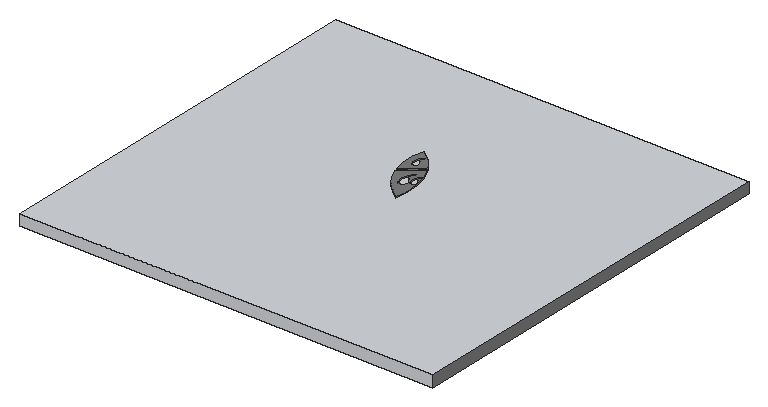
Revit family "PRESTO ARTE-IE 2D", category Aparatos sanitarios, Revit 2015
Parameters (values of type "19750")
  URL = "http://www.prestoiberica.com/inodoro/temporizada-arte/presto-arte-ie-2d?c=es"
  Teléfono = "(+34) 915 782 575"
  TIPO DE AGUA = ""
  REFERENCIA = "19750"
  Presión Máxima = ""
  PESO BRUTO = "2.530 Kg"
  Modelo = "PRESTO ARTE IE 2D"
  Material = Persto Ibérica: ACERO INOXIDABLE
  Imagen de tipo = <Ninguno>
  Fabricante = "PRESTO IBÉRICA"
  Default Elevation = 1219.2 mm
  ENTRADA = "Macho 1\""
  Descripción = "Fluxor temporizado ecológico silencioso para encastrar en muro, cuerpo de latón niquelado y caja de empotrar con protección antioxidante. Dispositivo antiSifónico incorporado."
  Código de montaje = "C1030220"
  Contacto = "info@prestoiberica.com"
  Conexión AF = yes
  Conexión AC = yes
  Comentarios de tipo = "◦Llave de paso incorporada\r\n◦Suministrado con tuerca y casquillo para tubo de Ø 28 mm\r\n◦Con dispositivo antiSifónico que asegura la protección de la red de agua potable\r\n◦contra las eventuales absorciones de agua contaminada\r\n◦Cabeza intercambiable que comprende todo el mecanismo del fluxor interior\r\n◦Pulsadores y tapa en acero inoxidable\r\n◦Caja de empotrar y placa de fijación intermedia fabricadas con protección antioxidante\r\n◦Sistema de Regulación para corregir distancias entre la caja de empotrar y la tapa en la instalación\r\n◦Cuerpo del fluxor en latón niquelado con piezas interiores en materiales resistentes a la corrosión y a las incrustaciones calcáreas\r\n◦Compatible con todos los bastidores de soporte Presto\r\n◦Sistema de salida dirigida para reducir la sonoridad\r\n◦Adaptable a espacios donde estaba instalado el fluxor 1000 A."
  CIERRE = ""
  CAUDAL = "1.2 L/Min"
  Accionamiento = "Por pulsador"
Reference planes
  plane 1 "Centro (Frontal/Posterior)": y = 0
  plane 2: z = 0
  plane 3 "Centro (Izquierda/Derecha)": x = 0
Forms (mm)
  Extrusion 1, solid
    sketch origin (0, 0, 0) x (1, 0, 0) y (0, 1, 0)
      loop
        line (-85, 100) -> (-85, -77) -> (100, -77) -> (100, 100) -> (-85, 100)
    from 0 to -5
  Extrusion 2, solid, material "GRIS"
    sketch origin (21.266, 9.469, 14.999) x (0.034899, 0.999391, 0) y (-0.999391, 0.034899, 0)
      loop
        arc (7.152, -1.618) -> (11.567, 2.378) -> (15.073, 7.192) r 29
        arc (15.073, 7.192) -> (7.319, 7.872) -> (-0.326, 6.411) r 28.249
        arc (-0.326, 6.411) -> (2.956, 1.971) -> (7.152, -1.618) r 24.436
      loop
        arc (5.744, -2.589) -> (1.484, 1.21) -> (-1.846, 5.846) r 26.036
        arc (-1.846, 5.846) -> (-9.962, 0.823) -> (-15.942, -6.617) r 28.249
        arc (-15.942, -6.617) -> (-4.701, -6.745) -> (5.744, -2.589) r 29
      loop
        arc (11.395, 3.657) -> (8.769, 4.986) -> (5.846, 4.636) r 5.081
        arc (5.846, 4.636) -> (5.124, 3.058) -> (6.61, 2.161) r 1.303
        arc (6.61, 2.161) -> (7.547, 2.532) -> (8.278, 3.225) r 2.65
        arc (8.278, 3.225) -> (9.744, 4.112) -> (11.395, 3.657) r 2.167
      loop
        arc (0.663, -4.684) -> (-1.963, -3.355) -> (-4.886, -3.705) r 5.081
        arc (-4.886, -3.705) -> (-5.608, -5.283) -> (-4.122, -6.18) r 1.303
        arc (-4.122, -6.18) -> (-3.185, -5.809) -> (-2.455, -5.116) r 2.65
        arc (-2.455, -5.116) -> (-0.989, -4.229) -> (0.663, -4.684) r 2.167
      loop
        arc (0.446, -1.578) -> (-3.074, 0.317) -> (-7.054, -0.058) r 6.901
        arc (-7.054, -0.058) -> (-8.089, -2.175) -> (-6.103, -3.444) r 1.77
        arc (-6.103, -3.444) -> (-4.818, -2.973) -> (-3.802, -2.057) r 3.599
        arc (-3.802, -2.057) -> (-1.781, -0.904) -> (0.446, -1.578) r 2.943
    from 0 to 0.25
Dimensions and locks
  Extrusion 1 sketch curve to plane 1 "Centro (Frontal/Posterior)" = 77 mm
  aligned and locked: plane 2 to Extrusion 1
  aligned and locked: level to Extrusion 1
Connectors
  piping at (84.8, -16.5, -45.037), diameter 25.4
    settings: on import instance, index 1, connector inside diameter 609.6 mm, connector length 0 mm, flow factor 0, pipe flow 0.0 L/s, pressure drop 0.0 Pa, fitting loss kfactor 0, connector angle 0.00°, fixture units 0, engagement length 0 mm, angle of deflection 0.00°, flow configuration 0, flow direction 1, fitting loss method 0, system type 20, joint type 0, gender type 0, connector reference index -1, connector utility 0, adjustable connector no, is connector primary yes, connector description ""
